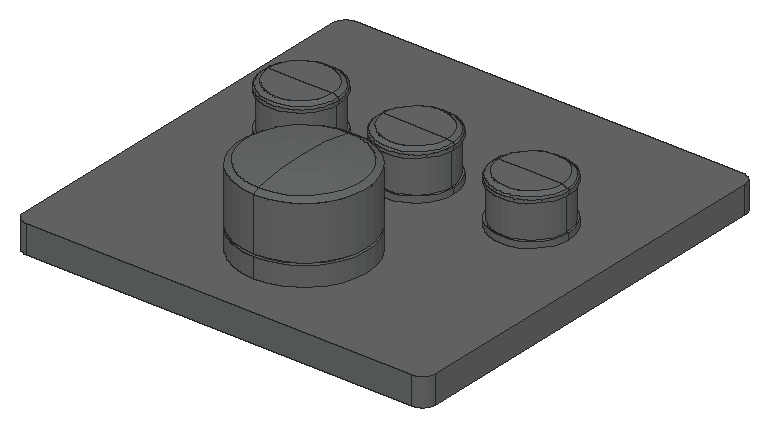
Revit family "Grohe_ThermostatForConcealed_102167KF00", category Plumbing Fixtures, host Face, Revit 2020
Family settings
  Host = Face
  Round Connector Dimension = Use Diameter
  Part Type = Normal
  OmniClass Number = 23.45.05.00
  OmniClass Title = Sanitary Equipment
  Cut with Voids When Loaded = No
  Shared = No
  Room Calculation Point = No
Parameters (values of type "Thermostat For Concealed (102167KF00)")
  _ObjectUserGuide = "https://www.bimstore.co/products/grohe-102167kf00/document/object-user-guide"
  _DistributedBy = "https://www.bimstore.co/"
  _CurrentRevision = 1
  _CreatedBy = "https://www.bimstore.co/"
  _BimSpecGuid = 0
  _BSBibleVersion = 17
  _AuthorizedBy = "bimstore"
  _Author = "RL 171"
  WarrantyStartDate [instance] = "Please Record on Commissioning"
  WarrantyGuarantorParts = "info-uk@grohe.com"
  WarrantyGuarantorLabor = "info-uk@grohe.com"
  WarrantyDurationUnit = "Years"
  WarrantyDurationParts = "0"
  WarrantyDurationLabor = "0"
  WarrantyDescription = "n/a"
  URL = "https://www.grohe.co.uk/en_gb/-102167KF00.html"
  TypeName = "Thermostat For Concealed"
  Type Comments = "Thermostat For Concealed"
  TPIDocumentLink = "https://cdn.cloud.grohe.com/tpi/2000/2100/2190/2199/2199818/original/2199818.pdf"
  SustainabilityReport = "green.grohe.com/reporting"
  SustainabilityAward = "green.grohe.com/awards"
  SpareParts = "info-uk@grohe.com"
  Size = "n/a"
  Shape = "n/a"
  SerialNumber [instance] = "Please Record on Commissioning"
  ReplacementCost = "n/a"
  ReferencedStandard = "n/a"
  ProductionYear = "2023"
  ProductType = "Thermostat"
  ProductShortText = "Thermostat for concealed installation with 3 valves"
  ProductNumber = "102167KF00"
  ProductDescription = "set for final installation for GROHE Rapido SmartBox (35 600/35 604)\r\n\r\nmetal wall escutcheon with GROHE FastFixation (covered escutcheon and shaft sealing, covered fixing), retroactively 6° adjustable\r\n\r\nGROHE Long-Life finish\r\n\r\nGROHE SmartControl push for ON-OFF, turn for volume adjustment from GROHE Water Saving to Full Flow, exchangeable symbols\r\n\r\nGROHE TurboStat compact cartridge with wax thermoelement\r\n\r\nGROHE ProGrip with knurl structure\r\n\r\nGROHE SafeStop safety button at 38°C\r\n\r\nGROHE SafeStop Plus optional temperature limiter at 43°C or 46°C included\r\n\r\nbuilt-in non return valves and dirt strainers\r\n\r\nmultiple outlets can be run simultaneously\r\n\r\nwithout roughing-in set\r\n\r\nflow performance: outlet A = 23 l/min, outlet B = 27 l/min, outlet C = 23 l/min, outlet A + B = 33 l/min, outlet A + B + C = 36 l/min"
  PrimaryMaterial = Grohe_Black
  PQDiagramLink = "https://cdn.cloud.grohe.com/PQCharts/lores/1/102/original/102167KF00-pqchart-en_GB.svg"
  NominalLength = 0 mm
  NominalHeight = 0 mm
  NominalDepth = 0 mm
  NBSReference = "45-35-70/254"
  NBSOfficeMasterTag = "n/a"
  NBSObjectName = "Grohe - Shower fittings package"
  NBSNote = "n/a"
  NBSDescription = "Shower fittings package"
  ModelReference = "Thermostat For Concealed"
  ModelNumber = "102167KF00"
  Model = "Thermostat For Concealed"
  Material = "n/a"
  ManufacturerName = "Grohe"
  Manufacturer = "Grohe"
  Keynote = "N16"
  InstallationVideo = "n/a"
  InstallationDate [instance] = "Please Record on Commissioning"
  IfcExportType = "IfcPipeFittingType"
  IfcExportAs = "IfcPipeFitting"
  Grade = "n/a"
  GROHESustainability = "green.grohe.com"
  GROHESocialCommittment = "green.grohe.com/social_engagement"
  FullRecyclabilityOfPlastic = "All plastic components are fully recycable"
  Finish = "Black"
  Features = "n/a"
  ExpectedLife = 0
  Ecojoy = no
  DurationUnit = "Years"
  DocumentationTechnical = "https://www.bimstore.co/products/grohe-102167kf00/document/technical-data-sheet"
  DocumentationMaintenance = "https://www.bimstore.co/products/grohe-102167kf00/document/maintenance-information"
  DocumentationLiterature = "https://www.bimstore.co/products/grohe-102167kf00/document/product-literature"
  DocumentationInstallationGuide = "https://www.bimstore.co/products/grohe-102167kf00/document/installation-guide"
  DocumentationCertificates = "https://www.bimstore.co/products/grohe-102167kf00/document/product-certificates"
  DimensionsDocumentLink = "https://cdn.cloud.grohe.com/dimdraw/2000/2000/2060/2065/2065572/1280/2065572.jpg"
  Description = "Thermostat For Concealed"
  Default Elevation = 0 mm
  CreatedOn = "2023-12-05T:09:00:00"
  CreatedBy = "info-uk@grohe.com"
  CradleToCradleCertification = "n/a"
  Cost = 0
  Constituents = "n/a"
  Color = "Grohe_Black"
  CodePerformance = "n/a"
  ClassificationValue = "Pr_40_20_87_55"
  ClassificationName = "Uniclass2015"
  CO2NeutralProduction = "GROHE is one of the first leading manufacturer within the sanitary industry having a CO2-neutral production."
  BarCode [instance] = "Please Record on Commissioning"
  BIMObjectName = "Grohe_ThermostatForConcealed_102167KF00"
  AssetType = "Fixed"
  AssetIdentifier [instance] = "n/a"
  Assembly Code = "D2013"
  AccessibilityPerformance = "n/a"
Reference planes
  plane 1 "Center (Front/Back)": y = 0
  plane 2: z = 0
  plane 3 "Center (Left/Right)": x = 0
Forms (mm)
  Extrusion 1, solid, material "Grohe_Black" <- "PrimaryMaterial"
    sketch origin (0, 0, 0) x (1, 0, 0) y (0, 1, 0)
      loop
        line (73.708, 78.982) -> (-73.982, 78.982)
        arc (-73.982, 78.982) -> (-77.517, 77.517) -> (-78.982, 73.982) r 5
        line (-78.982, 73.982) -> (-78.982, -73.982)
        arc (-78.982, -73.982) -> (-77.517, -77.517) -> (-73.982, -78.982) r 5
        line (-73.982, -78.982) -> (73.708, -78.982)
        arc (73.708, -78.982) -> (77.244, -77.517) -> (78.708, -73.982) r 5
        line (78.708, -73.982) -> (78.708, 73.982)
        arc (78.708, 73.982) -> (77.244, 77.517) -> (73.708, 78.982) r 5
    from 0 to 10.5
  Revolve 2, solid, material "Grohe_Black" <- "PrimaryMaterial"
    sketch origin (-0.137, 2.249, -0.539) x (0, 1, 0) y (0, 0, 1)
      loop
        line (-64.839, 18.44) -> (-64.839, 2.54) -> (-40.734, 2.54) -> (-40.734, 43.442)
        arc (-40.734, 43.442) -> (-51.63, 42.852) -> (-62.399, 41.09) r 100.953
        line (-62.399, 41.09) -> (-64.749, 39.706) -> (-64.749, 19.44) -> (-63.349, 19.44) -> (-63.349, 18.44) -> (-64.839, 18.44)
      axis (-40.734, 43.442) -> (-40.734, 2.54)
    angle from 0 to 360
  Extrusion 3, solid, material "Grohe_Black" <- "PrimaryMaterial"
    sketch origin (0, -67.893, 0) x (1, 0, 0) y (0, 0, 1)
      loop
        circle (0, 29.733) r 7.787
    from -54.636 to -45.91
  Revolve 4, solid, material "Grohe_Black" <- "PrimaryMaterial"
    sketch origin (-14.1, 15.013, 0) x (1, 0, 0) y (0, 0, 1)
      loop
        line (-30, 28.902) -> (-42.249, 28.902) -> (-44.063, 27.854)
        arc (-44.063, 27.854) -> (-44.382, 27.535) -> (-44.499, 27.099) r 0.872
        line (-44.499, 27.099) -> (-44.499, 25.916) -> (-43.654, 25.916) -> (-43.654, 12.845) -> (-44.499, 12.845) -> (-44.499, 10.5) -> (-30, 10.5) -> (-30, 28.902)
      axis (-30, 28.902) -> (-30, 10.5)
    angle from 0 to 360
  Revolve 5, solid, material "Grohe_Black" <- "PrimaryMaterial"
    sketch origin (14.1, 15.013, 0) x (-1, 0, 0) y (0, 0, -1)
      loop
        line (-30, -28.902) -> (-30, -10.5) -> (-44.499, -10.5) -> (-44.499, -12.845) -> (-43.654, -12.845) -> (-43.654, -25.916) -> (-44.499, -25.916) -> (-44.499, -27.099)
        arc (-44.499, -27.099) -> (-44.382, -27.535) -> (-44.063, -27.854) r 0.872
        line (-44.063, -27.854) -> (-42.249, -28.902) -> (-30, -28.902)
      axis (-30, -28.902) -> (-30, -10.5)
    angle from 0 to 360
  Revolve 6, solid, material "Grohe_Black" <- "PrimaryMaterial"
    sketch origin (-30, 15.013, 0) x (-1, 0, 0) y (0, 0, -1)
      loop
        line (-30, -28.902) -> (-30, -10.5) -> (-44.499, -10.5) -> (-44.499, -12.845) -> (-43.654, -12.845) -> (-43.654, -25.916) -> (-44.499, -25.916) -> (-44.499, -27.099)
        arc (-44.499, -27.099) -> (-44.382, -27.535) -> (-44.063, -27.854) r 0.872
        line (-44.063, -27.854) -> (-42.249, -28.902) -> (-30, -28.902)
      axis (-30, -28.902) -> (-30, -10.5)
    angle from 0 to 360
Cuts and joins
  joined: Extrusion 1, Revolve 2
Dimensions and locks
  aligned and locked: plane 2 to host face
  aligned and locked: level to host face
